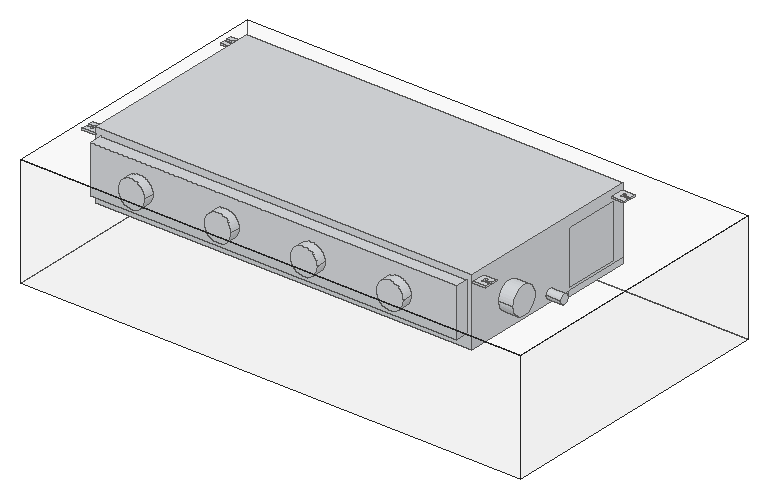
Revit family "pd-rp40_160ga17_60Hz_モデル修正", category 機械設備, Revit 2019
Family settings
  丸型コネクタ寸法 = 直径を使用
  パーツ タイプ = 標準
  OmniClass 番号 = 23.75.10.24.21.27.27
  OmniClass タイトル = Split System Air Conditioning Units
  作業面ベース = いいえ
  常に垂直 = いいえ
  ロード時にボイドで切り取り = いいえ
  共有 = いいえ
  部屋計算ポイント = はい
Parameters (values of type "PD-RP112GA17")
  騒音レベル（弱）(dB) = 59
  騒音レベル（中）(dB) = 60
  風量（弱）（m3／min） = 20
  風量（中）（m3／min） = 24
  風量（m3／min） = 28
  音響パワーレベル(dB) = 62
  電圧_電気ヒーター = 0 V
  電動機出力_送風機 = 244 W
  運転質量 = 0.00 kg
  連動 = ""
  説明 = "店舗・事務所用パッケージエアコン(Mr.SLIM) 天井ビルトイン形"
  設計暖房能力 [instance] = 0 W
  設計冷房能力_顕熱 [instance] = 0 W
  設計冷房能力 [instance] = 0 W
  設置方法 = "天井吊(隠ぺい)形"
  製造元 = "三菱電機株式会社"
  製品質量 = 42.00 kg
  製品出荷対象 = "国内"
  製品リリース年月 = "2021年5月10日"
  製品グループ = ""
  系統 [instance] = ""
  相_電気ヒーター = 1
  盤記号 [instance] = ""
  特殊仕様 [instance] = ""
  火災停止 = ""
  消費電力_電気ヒーター = 0 W
  消費電力_暖房 = 190 W
  消費電力_加湿器 = 0 W
  消費電力_冷房 = 190 W
  消費電力 = if(消費電力_冷房 > 消費電力_暖房, 消費電力_冷房, 消費電力_暖房) + 消費電力_加湿器 + 消費電力_電気ヒーター  # 190 W
  法定耐用年数 = "15"
  機外静圧 = 10.0 Pa
  極数 = 3
  材質 [instance] = ""
  新鮮空気取入口 = 0 mm
  形式_加湿器 = ""
  形式 = "天井吊（隠ぺい）形（片ダクト形）"
  幹線記号 [instance] = ""
  呼称 = "室内機_天井吊(隠ぺい)形(⽚ダクト形)"
  台数_手元リモコン [instance] = ""
  台数_冷媒分岐ユニット [instance] = ""
  参照している仕様書等のバージョン = "公共建築工事標準仕様書（機械設備工事編）平成31年度版"
  加湿給水管径 = 0.00 mm
  分類コード = "50053003123050"
  分類グループ = ""
  冷媒高低圧ガス管径 = 0.00 mm
  価格 = 0
  企業コード = "108420"
  付属品_フィルター = ""
  付属品 [instance] = ""
  仕様書バージョン = "Version1.0"
  モデル = "PD-RP112GA17"
  パネルマテリアル = none
  チャンバーボックス [instance] = yes
  ダクト高 = 178 mm
  ダクト幅 = 1360 mm
  コメント [instance] = ""
  Keynote = ""
  Width = 1400 mm
  Version = ""
  Uniclass2015Version = "Systems v1.9"
  Uniclass2015Title = "Split coil remote air cooled condensing units"
  Uniclass2015Code = "Pr_70_65_03_84"
  URL = "https://www.mitsubishielectric.co.jp/ldg/wink/ssl/displayProduct.do?pid=310210"
  SpecificationReference = ""
  SpecificationDescription = ""
  風量 = MAX風量  # 1680.0 m³/h
  電源種別 = ""
  電圧 = 200 V
  質量 = if(製品質量 > 運転質量, 製品質量, 運転質量) * 1.2  # 50.40 kg
  負荷分類 = 3_ファン類
  記号 [instance] = ""
  符号 = "PAC-CIS"
  積算_科目 = "1 空気調和設備"
  積算_拾い区分 [instance] = ""
  相 = 1
  発停方法 = ""
  本体マテリアル = none
  有効加湿量 = 0
  暖房能力 = 11200 W
  始動方式 = "直入"
  周波数 = 60 Hz
  冷房能力 = 10000 W
  冷媒管径符号 = "Bd"
  冷媒管径 = 100.00 mm
  冷媒液管径 = 9.52 mm
  冷媒ガス管径 = 15.88 mm
  ドレン管径 = 32.00 mm
  Revision = ""
  ProductInformation = ""
  OmniClassCode = "23-33 17 13 11"
  MIN風量 = 風量（弱）（m3／min） * 60.0 m³/h  # 1200.0 m³/h
  MID風量 = 風量（中）（m3／min） * 60.0 m³/h  # 1440.0 m³/h
  MAX風量 = 風量（m3／min） * 60.0 m³/h  # 1680.0 m³/h
  IfcTypeProduct = ""
  IfcProduct = ""
  IfcExportType = "AIRCONDITIONINGUNIT"
  IfcExportAs = "IfcUnitaryEquipmentType"
  Height = 272 mm
  Depth = 701 mm
  Author = "三菱電機株式会社"
Types (9, lengths in mm): name | 騒音レベル（弱）(dB) | 騒音レベル（中）(dB) | 風量（弱）（m3／min） | 風量（中）（m3／min） | 風量（m3／min） | 音響パワーレベル(dB) | 電動機出力_送風機 | 製品質量 | 消費電力_暖房 | 消費電力_冷房 | 消費電力 | モデル | ダクト幅 | Width | URL | 風量 | 質量 | 暖房能力 | 冷房能力 | 冷媒管径符号 | 冷媒液管径 | 冷媒ガス管径 | MIN風量 | MID風量 | MAX風量
  PD-RP40GA17 | 52 | 55 | 10 | 12 | 14 | 58 | 85 W | 29.00 kg | 100 W | 100 W | 100 W | "PD-RP40GA17" | 860 | 900 | "https://www.mitsubishielectric.co.jp/ldg/wink/ssl/displayProduct.do?pid=310204" | 840.0 m³/h | 34.80 kg | 4000 W | 3600 W | "Ac" | 6.35 | 12.70 | 600.0 m³/h | 720.0 m³/h | 840.0 m³/h
  PD-RP50GA17 | 53 | 55 | 10 | 12 | 14 | 59 | 85 W | 29.00 kg | 100 W | 100 W | 100 W | "PD-RP50GA17" | 860 | 900 | "https://www.mitsubishielectric.co.jp/ldg/wink/ssl/displayProduct.do?pid=310205" | 840.0 m³/h | 34.80 kg | 5000 W | 4500 W | "Ac" | 6.35 | 12.70 | 600.0 m³/h | 720.0 m³/h | 840.0 m³/h
  PD-RP56GA17 | 53 | 56 | 10 | 12 | 14 | 59 | 85 W | 29.00 kg | 100 W | 100 W | 100 W | "PD-RP56GA17" | 860 | 900 | "https://www.mitsubishielectric.co.jp/ldg/wink/ssl/displayProduct.do?pid=310206" | 840.0 m³/h | 34.80 kg | 5600 W | 5000 W | "Ac" | 6.35 | 12.70 | 600.0 m³/h | 720.0 m³/h | 840.0 m³/h
  PD-RP63GA17 | 54 | 57 | 13 | 16 | 19 | 60 | 121 W | 33.00 kg | 100 W | 100 W | 100 W | "PD-RP63GA17" | 1060 | 1100 | "https://www.mitsubishielectric.co.jp/ldg/wink/ssl/displayProduct.do?pid=310206" | 1140.0 m³/h | 39.60 kg | 6300 W | 5600 W | "Ac" | 6.35 | 12.70 | 780.0 m³/h | 960.0 m³/h | 1140.0 m³/h
  PD-RP71GA17 | 55 | 57 | 13 | 16 | 19 | 60 | 121 W | 33.00 kg | 100 W | 100 W | 100 W | "PD-RP71GA17" | 1060 | 1100 | "https://www.mitsubishielectric.co.jp/ldg/wink/ssl/displayProduct.do?pid=310208" | 1140.0 m³/h | 39.60 kg | 7000 W | 6300 W | "Bd" | 9.52 | 15.88 | 780.0 m³/h | 960.0 m³/h | 1140.0 m³/h
  PD-RP80GA17 | 56 | 57 | 13 | 16 | 19 | 60 | 121 W | 33.00 kg | 100 W | 100 W | 100 W | "PD-RP80GA17" | 1060 | 1100 | "https://www.mitsubishielectric.co.jp/ldg/wink/ssl/displayProduct.do?pid=310209" | 1140.0 m³/h | 39.60 kg | 8000 W | 7100 W | "Bd" | 9.52 | 15.88 | 780.0 m³/h | 960.0 m³/h | 1140.0 m³/h
  PD-RP112GA17 | 59 | 60 | 20 | 24 | 28 | 62 | 244 W | 42.00 kg | 190 W | 190 W | 190 W | "PD-RP112GA17" | 1360 | 1400 | "https://www.mitsubishielectric.co.jp/ldg/wink/ssl/displayProduct.do?pid=310210" | 1680.0 m³/h | 50.40 kg | 11200 W | 10000 W | "Bd" | 9.52 | 15.88 | 1200.0 m³/h | 1440.0 m³/h | 1680.0 m³/h
  PD-RP140GA17 | 61 | 62 | 22 | 26 | 31 | 64 | 244 W | 42.00 kg | 220 W | 220 W | 220 W | "PD-RP140GA17" | 1360 | 1400 | "https://www.mitsubishielectric.co.jp/ldg/wink/ssl/displayProduct.do?pid=310233" | 1860.0 m³/h | 50.40 kg | 14000 W | 12500 W | "Bd" | 9.52 | 15.88 | 1320.0 m³/h | 1560.0 m³/h | 1860.0 m³/h
  PD-RP160GA17 | 63 | 65 | 24 | 29 | 34 | 67 | 244 W | 42.00 kg | 260 W | 260 W | 260 W | "PD-RP160GA17" | 1360 | 1400 | "https://www.mitsubishielectric.co.jp/ldg/wink/ssl/displayProduct.do?pid=310212" | 2040.0 m³/h | 50.40 kg | 16000 W | 14000 W | "Bd" | 9.52 | 15.88 | 1440.0 m³/h | 1740.0 m³/h | 2040.0 m³/h
Reference planes
  plane 1 "中心(正面/背面)": y = 0
  plane 2: z = 0
  plane 3 "中心(左/右)": x = 0
  plane 4: z = 272
  plane 5 "左": x = -700
  plane 6 "右": x = 700
  plane 7: y = 350.5
  plane 8: y = -350.5
  plane 9: y = 407.5
  plane 10: x = -740
  plane 11: x = 1120
  plane 12: y = -650.5
  plane 13: z = 282
  plane 14: z = -130
Lines and regions (mm)
  Masking region 1
    outline origin (0, 0, 2438.4) x (1, 0, 0) y (0, 1, 0)
      loop
        line (-700, 350.5) -> (-700, -350.5) -> (700, -350.5) -> (700, 350.5) -> (-700, 350.5)
Dimensions and locks
  "Width": plane 5 "左" to plane 6 "右"
  equal spacing: plane 5 "左", plane 3 "中心(左/右)", plane 6 "右"  (x2)
  equal spacing: plane 8, plane 1 "中心(正面/背面)", plane 7
  plane 8 to plane 7 = 701 mm
  "Height": plane 4 to plane 2
  locked: plane 10 to plane 5 "左" at 40
  locked: plane 6 "右" to plane 11 at 420
  locked: plane 7 to plane 9 at 57
  locked: plane 12 to plane 8 at 300
  locked: plane 13 to plane 4 at 10
  locked: plane 2 to plane 14 at 130
  aligned and locked: level to plane 2
  aligned and locked: plane 7 to Masking region 1 sketch curve
  aligned and locked: Masking region 1 sketch curve to plane 8
  aligned and locked: plane 3 "中心(左/右)" to nested 1
  aligned and locked: plane 1 "中心(正面/背面)" to nested 1
  aligned and locked: plane 11 to nested 2
  aligned and locked: plane 12 to nested 2
  aligned and locked: plane 10 to nested 2
  aligned and locked: plane 9 to nested 2
  aligned and locked: plane 14 to nested 2
  aligned and locked: plane 13 to nested 2
Automatic sketch dimensions
  Masking region 1 sketch curve to plane 5 "左" = 0 mm
  Masking region 1 sketch curve to plane 6 "右" = 0 mm
Nested families
  nested 1: "PD-RP-GA" at (0, 0, 0), ダクト幅 <- "ダクト幅", ダクト高 <- "ダクト高", ①奥行き <- "Depth", ①幅 <- "Width", type "PD-RP-GA"
    with 配管径 100 mm, 液径 9.52 mm, 液W 57 mm, 液H 122 mm, 液D 136 mm, 吊りボルトW 1454 mm, 吊りボルトH 20 mm, 吊りボルトD 643 mm, 加湿器径 0 mm, 加湿器W 0 mm, 加湿器H 0 mm, 加湿器D 0 mm, ドレン径 32 mm, ドレンW 58 mm, ドレンH 217 mm, ドレンD 356 mm, ダクト高 178 mm, ダクト幅 1360 mm, ダクト④ yes, ダクト③ yes, ダクト② yes, ダクト① yes, ガス径 15.88 mm, ガスW 78 mm, ガスH 33 mm, ガスD 67 mm, ①高さ 250 mm, ①幅 1400 mm, ①奥行き 701 mm, G 320 mm, F 320 mm, E 320 mm, D 220 mm
  nested 2: "サービススペース(PD-RP-GA)" at (190, -121.5, 76), type "サービススペース(PD-RP-GA)"
    with Width 1860 mm, Height 412 mm, Depth 1058 mm
Connectors
  electrical at (701, 200.5, 133), driven by "極数", driven by "負荷分類", driven by "電圧", driven by "消費電力"
    settings: on nested 1, index 1, voltage 200 V, apparent load 190 VA, apparent load phase1 0 VA, apparent load phase2 0 VA, apparent load phase3 0 VA, power factor 1, load classification "3_ファン類", number of poles 3, system type 30, power factor state 1, is connector primary yes, connector utility no, sub classification motor no, connector description ""
  piping at (757, -181, 133.5), diameter 100, driven by "冷媒管径", driven by "冷媒管径符号"
    settings: on nested 1, index 2, connector inside diameter 609.60 mm, connector length 0 mm, flow factor 0, pipe flow 0.0 L/s, pressure drop 0.0 Pa, fitting loss kfactor 0, connector angle 0.00°, fixture units 0, engagement length 0 mm, angle of deflection 0.00°, flow configuration 0, flow direction 1, fitting loss method 4, system type 7, joint type 0, gender type 0, connector reference index -1, connector utility 0, adjustable connector no, is connector primary yes, connector description "Bd"
  piping at (758, 5.5, 55), diameter 32, driven by "ドレン管径"
    settings: on nested 1, index 3, connector inside diameter 609.60 mm, connector length 0 mm, flow factor 0, pipe flow 0.0 L/s, pressure drop 0.0 Pa, fitting loss kfactor 0, connector angle 0.00°, fixture units 0, engagement length 0 mm, angle of deflection 0.00°, flow configuration 0, flow direction 2, fitting loss method 4, system type 16, joint type 0, gender type 0, connector reference index -1, connector utility 0, adjustable connector no, is connector primary no, connector description ""
  hvac at (0, -397.5, 160), driven by "ダクト高", driven by "ダクト幅"
    settings: on nested 1, index 4, duct flow 0.0 m³/h, flow factor 0, pres drop 0.0 Pa, loss coef 0, conn angle 0.00°, conn width 1360 mm, conn height 178 mm, conn diameter 609.6 mm, duct sys type 3, conn prof type 1, flow config 0, flow direction 2, loss method 4, conn ref index -1, conn util no, is conn primary yes, conn desc ""
Definition of nested family "PD-RP-GA"
  Parameters (values of type "PD-RP-GA")
    加湿器径 [instance] = 0 mm
    加湿器W [instance] = 0 mm
    加湿器H [instance] = 0 mm
    加湿器D [instance] = 0 mm
    液径 [instance] = 9.52 mm
    吊りボルトW [instance] = ①幅 + 54 mm  # 954 mm
    吊りボルトH [instance] = 20 mm
    吊りボルトD [instance] = 643 mm  # constant formula
    配管径 [instance] = 100 mm  # constant formula
    液W [instance] = 57 mm  # constant formula
    液H [instance] = 122 mm  # constant formula
    液D [instance] = 136 mm  # constant formula
    ドレン径 [instance] = 32 mm  # constant formula
    ドレンW [instance] = 58 mm  # constant formula
    ドレンH [instance] = 217 mm  # constant formula
    ドレンD [instance] = 356 mm  # constant formula
    ダクト高 [instance] = 178 mm
    ダクト幅 [instance] = 860 mm
    ダクト④ [instance] = ①幅 > 1300 mm  # no
    ダクト③ [instance] = ①幅 > 1000 mm  # no
    ダクト② [instance] = yes
    ダクト① [instance] = yes
    ガス径 [instance] = 15.88 mm
    ガスW [instance] = 78 mm  # constant formula
    ガスH [instance] = 33 mm  # constant formula
    ガスD [instance] = 67 mm  # constant formula
    ①幅 [instance] = 900 mm
    ①高さ [instance] = 250 mm
    ①奥行き [instance] = 701 mm
    G [instance] = 320 mm  # constant formula
    F [instance] = 320 mm  # constant formula
    E [instance] = if(①幅 = 1400 mm, 320 mm, if(①幅 = 1100 mm, 330 mm, 450 mm))  # 450 mm
    D [instance] = if(①幅 = 1400 mm, 220 mm, if(①幅 = 1100 mm, 230 mm, 225 mm))  # 225 mm
  Reference planes
    plane 1 "中心(正面/背面)": y = 0
    plane 2: z = 0
    plane 3 "中心(左/右)": x = 0
    plane 4: x = -450
    plane 5: x = 450
    plane 6: y = 350.5
    plane 7: y = -350.5
    plane 8: z = 272
    plane 9: y = 317.5
    plane 10: y = -325.5
    plane 11: x = -477
    plane 12: x = 477
    plane 13: y = 421.5
    plane 14: z = 252
    plane 15: z = 247
    plane 16: y = -397.5
    plane 17: x = 430
    plane 18: x = -430
    plane 19: y = -432.5
    plane 20: z = 71
    plane 21: z = 249
    plane 22: x = -500
    plane 23: x = 500
    plane 24: y = -300.5
    plane 25: y = 342.5
    plane 26: y = 292.5
    plane 27: x = -565
    plane 28: x = -245
    plane 29: x = 205
    plane 30: x = -885
    plane 31: z = 156
    plane 32: z = 22
    plane 33: y = 100.5
    plane 34: y = 5.5
    plane 35: y = -147.5
    plane 36: y = -214.5
    plane 37: y = -181
    plane 38: z = 150
    plane 39: z = 117
    plane 40: z = 133.5
    plane 41: x = 507
    plane 42: x = 508
    plane 43: z = 55
    plane 44: x = 451
  Forms (mm)
    Extrusion 1, solid, detail levels fine
      sketch origin (0, 0, 0) x (1, 0, 0) y (0, 1, 0)
        loop
          line (-450, 350.5) -> (-450, -350.5) -> (450, -350.5) -> (450, 350.5) -> (-450, 350.5)
      from 22 to 272
    Extrusion 2, solid, detail levels fine
      sketch origin (0, 0, 0) x (1, 0, 0) y (0, 0, 1)
        loop
          line (430, 249) -> (-430, 249) -> (-430, 71) -> (430, 71) -> (430, 249)
      from 350.5 to 397.5
    Extrusion 3, solid, detail levels fine
      sketch origin (0, 0, 0) x (1, 0, 0) y (0, 1, 0)
        loop
          line (450, 342.5) -> (450, 292.5) -> (500, 292.5) -> (500, 312.5) -> (482, 312.5)
          arc (482, 312.5) -> (477, 307.5) -> (472, 312.5) r 5
          line (472, 312.5) -> (472, 322.5)
          arc (472, 322.5) -> (477, 327.5) -> (482, 322.5) r 5
          line (482, 322.5) -> (500, 322.5) -> (500, 342.5) -> (450, 342.5)
        loop
          line (500, -300.5) -> (450, -300.5) -> (450, -350.5) -> (500, -350.5) -> (500, -330.5) -> (482, -330.5)
          arc (482, -330.5) -> (477, -335.5) -> (472, -330.5) r 5
          line (472, -330.5) -> (472, -320.5)
          arc (472, -320.5) -> (477, -315.5) -> (482, -320.5) r 5
          line (482, -320.5) -> (500, -320.5) -> (500, -300.5)
        loop
          line (-500, 342.5) -> (-500, 322.5) -> (-482, 322.5)
          arc (-482, 322.5) -> (-477, 327.5) -> (-472, 322.5) r 5
          line (-472, 322.5) -> (-472, 312.5)
          arc (-472, 312.5) -> (-477, 307.5) -> (-482, 312.5) r 5
          line (-482, 312.5) -> (-500, 312.5) -> (-500, 292.5) -> (-450, 292.5) -> (-450, 342.5) -> (-500, 342.5)
        loop
          line (-500, -300.5) -> (-500, -320.5) -> (-482, -320.5)
          arc (-482, -320.5) -> (-477, -315.5) -> (-472, -320.5) r 5
          line (-472, -320.5) -> (-472, -330.5)
          arc (-472, -330.5) -> (-477, -335.5) -> (-482, -330.5) r 5
          line (-482, -330.5) -> (-500, -330.5) -> (-500, -350.5) -> (-450, -350.5) -> (-450, -300.5) -> (-500, -300.5)
      from 247 to 252
    Extrusion 4, solid, visible <- "ダクト①", detail levels fine
      sketch origin (0, 0, 0) x (1, 0, 0) y (0, 0, 1)
        loop
          circle (205, 156) r 50
      from 397.5 to 432.5
    Extrusion 5, solid, detail levels fine
      sketch origin (0, 0, 0) x (1, 0, 0) y (0, 1, 0)
        loop
          line (-450, 350.5) -> (-450, 100.5) -> (450, 100.5) -> (450, 350.5) -> (-450, 350.5)
      from 0 to 22
    Extrusion 6, solid, detail levels fine
      sketch origin (0, 0, 0) x (0, 1, 0) y (0, 0, 1)
        loop
          circle (-181, 133.5) r 50
      from 450 to 507
    Extrusion 7, solid, detail levels fine
      sketch origin (0, 0, 0) x (0, 1, 0) y (0, 0, 1)
        loop
          circle (5.5, 55) r 16
      from 450 to 508
    Extrusion 8, solid, detail levels fine
      sketch origin (0, 0, 0) x (0, 1, 0) y (0, 0, 1)
        loop
          line (100.5, 231) -> (100.5, 35) -> (300.5, 35) -> (300.5, 231) -> (100.5, 231)
      from 450 to 451
    Extrusion 9, solid, visible <- "ダクト②", detail levels fine
      sketch origin (-180, 0, 0) x (1, 0, 0) y (0, 0, 1)
        loop
          circle (-65, 156) r 50
      from 397.5 to 432.5
    Extrusion 10, solid, visible <- "ダクト③", detail levels fine
      sketch origin (-360, 0, 0) x (1, 0, 0) y (0, 0, 1)
        loop
          circle (-205, 156) r 50
      from 397.5 to 432.5
    Extrusion 11, solid, visible <- "ダクト④", detail levels fine
      sketch origin (-540, 0, 0) x (1, 0, 0) y (0, 0, 1)
        loop
          circle (-345, 156) r 50
      from 397.5 to 432.5
  Dimensions and locks
    equal spacing: plane 7, plane 1 "中心(正面/背面)", plane 6
    "①奥行き": plane 7 to plane 6
    equal spacing: plane 4, plane 3 "中心(左/右)", plane 5
    "①幅": plane 4 to plane 5
    equal spacing: plane 11, plane 3 "中心(左/右)", plane 12
    "吊りボルトW": plane 11 to plane 12
    locked: plane 8 to plane 14 at 20
    locked: plane 14 to plane 15 at 5
    "ダクト幅": plane 17 to plane 18
    locked: plane 5 to plane 17 at 20
    "ダクト高": plane 21 to plane 20
    locked: plane 22 to plane 11 at 23
    locked: plane 12 to plane 23 at 23
    locked: plane 9 to plane 6 at 33
    "吊りボルトD": plane 10 to plane 9
    plane 26 to plane 9 to plane 25 = 25 mm locked, 25 mm locked
    plane 7 to plane 10 to plane 24 = 25 mm, 25 mm
    locked: plane 8 to plane 21 at 23
    locked: plane 16 to plane 7 at 47
    locked: plane 19 to plane 16 at 35
    "D": plane 29 to plane 17
    "E": plane 28 to plane 29
    "F": plane 27 to plane 28
    "G": plane 30 to plane 27
    locked: plane 8 to plane 31 at 116
    locked: plane 32 to level at 22
    "①高さ": plane 8 to plane 32
    locked: plane 33 to plane 6 at 250
    "液D": plane 7 to plane 36
    "ドレンD": plane 7 to plane 34
    "ガスD": plane 36 to plane 35
    equal spacing: plane 36, plane 37, plane 35
    "液H": plane 8 to plane 38
    "ガスH": plane 38 to plane 39
    equal spacing: plane 38, plane 40, plane 39
    "液W": plane 5 to plane 41
    "ドレンW": plane 5 to plane 42
    "ドレンH": plane 8 to plane 43
    plane 8 to plane 43 = 217 mm
    locked: plane 5 to plane 44 at 1
    radius of Extrusion 4 sketch curve = 50 mm
    "配管径": diameter of Extrusion 6 sketch curve
    "ドレン径": diameter of Extrusion 7 sketch curve
    radius of Extrusion 9 sketch curve = 50 mm
    radius of Extrusion 10 sketch curve = 50 mm
    radius of Extrusion 11 sketch curve = 50 mm
    aligned and locked: level to plane 2
    aligned and locked: plane 6 to Extrusion 1 sketch curve
    aligned and locked: plane 4 to Extrusion 1 sketch curve
    aligned and locked: Extrusion 1 sketch curve to plane 7
    aligned and locked: Extrusion 1 sketch curve to plane 5
    aligned and locked: plane 8 to Extrusion 1
    aligned and locked: plane 21 to Extrusion 2 sketch curve
    aligned and locked: plane 17 to Extrusion 2 sketch curve
    aligned and locked: Extrusion 2 sketch curve to plane 20
    aligned and locked: Extrusion 2 sketch curve to plane 18
    aligned and locked: plane 16 to Extrusion 2
    aligned and locked: Extrusion 2 to plane 7
    aligned and locked: plane 10 to nested 1
    aligned and locked: plane 11 to nested 1
    aligned and locked: plane 12 to nested 1
    aligned and locked: nested 1 to plane 9
    aligned and locked: plane 25 to Extrusion 3 sketch curve  (x2)
    aligned and locked: plane 5 to Extrusion 3 sketch curve
    aligned and locked: Extrusion 3 sketch curve to plane 26  (x2)
    aligned and locked: Extrusion 3 sketch curve to plane 23  (x2)
    aligned and locked: Extrusion 3 sketch curve to plane 24
    aligned and locked: plane 23 to Extrusion 3 sketch curve  (x2)
    aligned and locked: Extrusion 1 to Extrusion 3 sketch curve  (x2)
    aligned and locked: Extrusion 3 sketch curve to Extrusion 1  (x2)
    aligned and locked: plane 22 to Extrusion 3 sketch curve  (x4)
    aligned and locked: Extrusion 3 sketch curve to plane 4
    aligned and locked: plane 24 to Extrusion 3 sketch curve
    aligned and locked: plane 11 to Extrusion 3 sketch curve  (x4)
    aligned and locked: plane 12 to Extrusion 3 sketch curve  (x4)
    aligned and locked: plane 14 to Extrusion 3
    aligned and locked: Extrusion 3 to plane 15
    aligned and locked: plane 29 to Extrusion 4 sketch curve
    aligned and locked: plane 31 to Extrusion 4 sketch curve
    aligned and locked: plane 19 to Extrusion 4
    aligned and locked: Extrusion 4 to plane 16
    aligned and locked: Extrusion 1 to plane 32
    aligned and locked: Extrusion 5 sketch curve to Extrusion 1  (x2)
    aligned and locked: Extrusion 5 sketch curve to plane 33
    aligned and locked: Extrusion 5 sketch curve to plane 5
    aligned and locked: Extrusion 5 to Extrusion 1
    aligned and locked: plane 37 to Extrusion 6 sketch curve
    aligned and locked: plane 40 to Extrusion 6 sketch curve
    aligned and locked: Extrusion 6 to plane 5
    aligned and locked: plane 41 to Extrusion 6
    aligned and locked: plane 34 to Extrusion 7 sketch curve
    aligned and locked: plane 43 to Extrusion 7 sketch curve
    aligned and locked: plane 42 to Extrusion 7
    aligned and locked: Extrusion 7 to plane 5
    aligned and locked: plane 44 to Extrusion 8
    aligned and locked: Extrusion 8 to plane 5
    aligned and locked: plane 28 to Extrusion 9 sketch curve
    aligned and locked: plane 31 to Extrusion 9 sketch curve
    aligned and locked: plane 27 to Extrusion 10 sketch curve
    aligned and locked: plane 31 to Extrusion 10 sketch curve
    aligned and locked: plane 30 to Extrusion 11 sketch curve
    aligned and locked: plane 31 to Extrusion 11 sketch curve
    aligned and locked: plane 19 to Extrusion 11
    aligned and locked: Extrusion 11 to plane 16
    aligned and locked: plane 19 to Extrusion 10
    aligned and locked: Extrusion 10 to plane 16
    aligned and locked: plane 19 to Extrusion 9
    aligned and locked: Extrusion 9 to plane 16
  Automatic sketch dimensions
    Extrusion 3 sketch curve to plane 11 = 5 mm  (x2)
    Extrusion 3 sketch curve to plane 12 = 5 mm  (x2)
    plane 10 to Extrusion 3 sketch curve = 5 mm  (x3)
    Extrusion 3 sketch curve to plane 10 = 5 mm  (x2)
    plane 9 to Extrusion 3 sketch curve = 5 mm  (x3)
    Extrusion 3 sketch curve to plane 9 = 5 mm  (x2)
    Extrusion 3 sketch curve to Extrusion 3 sketch curve = 0 mm  (x3)
    Extrusion 8 sketch curve to plane 33 = 0 mm
    Extrusion 8 sketch curve to plane 26 = 8 mm
    plane 32 to Extrusion 8 sketch curve = 13 mm
    Extrusion 8 sketch curve to plane 15 = 16 mm
  Nested families
    nested 1: "固定点" at (-477, -325.5, 0), type "固定点", detail levels fine
      with W 954 mm, D 643 mm, 中心円 10 mm
  Definition of nested family "固定点"
    Parameters (values of type "固定点")
      中心円 = 20 mm
      W [instance] = 1000 mm
      D [instance] = 1000 mm
    Reference planes
      plane 1 "中心(正面/背面)": y = 0
      plane 2: z = 0
      plane 3 "中心(左/右)": x = 0
      plane 4: x = 1000
      plane 5: y = 1000
    Lines and regions (mm)
      symbolic lines, detail levels fine
        curve 1: circle (0, 1000, 0) r 10 normal (0, 0, 1)
        curve 2: circle (0, 0, 0) r 10 normal (0, 0, 1)
        curve 3: circle (1000, 1000, 0) r 10 normal (0, 0, 1)
        curve 4: circle (1000, 0, 0) r 10 normal (0, 0, 1)
        curve 5: line (-200, 1000, 0) -> (1200, 1000, 0)
        curve 6: line (-200, 0, 0) -> (1200, 0, 0)
        curve 7: line (0, 1200, 0) -> (0, -200, 0)
        curve 8: line (1000, 1200, 0) -> (1000, -200, 0)
    Dimensions and locks
      "W": plane 3 "中心(左/右)" to plane 4
      "D": plane 1 "中心(正面/背面)" to plane 5
      "中心円": diameter of curve 1
      "中心円": diameter of curve 2
      "中心円": diameter of curve 3
      "中心円": diameter of curve 4
      aligned and locked: level to plane 2
      aligned and locked: plane 5 to curve 1
      aligned and locked: plane 3 "中心(左/右)" to curve 1
      aligned and locked: plane 3 "中心(左/右)" to curve 2
      aligned and locked: plane 1 "中心(正面/背面)" to curve 2
      aligned and locked: plane 4 to curve 3
      aligned and locked: plane 5 to curve 3
      aligned and locked: plane 1 "中心(正面/背面)" to curve 4
      aligned and locked: plane 4 to curve 4
      aligned and locked: plane 1 "中心(正面/背面)" to curve 6
      aligned and locked: curve 7 to plane 3 "中心(左/右)"
      aligned and locked: curve 8 to plane 4
    Automatic sketch dimensions
      curve 5 to plane 5 = 0 mm
      curve 6 to plane 3 "中心(左/右)" = 200 mm
      curve 5 to plane 3 "中心(左/右)" = 200 mm
      curve 4 to curve 6 = 200 mm
      curve 3 to curve 5 = 200 mm
      plane 1 "中心(正面/背面)" to curve 8 = 200 mm
      plane 1 "中心(正面/背面)" to curve 7 = 200 mm
      curve 3 to curve 8 = 200 mm
      curve 1 to curve 7 = 200 mm
Definition of nested family "サービススペース(PD-RP-GA)"
  Parameters (values of type "サービススペース")
    Width [instance] = 500 mm
    Height [instance] = 500 mm
    Depth [instance] = 500 mm
  Reference planes
    plane 1 "中心(正面/背面)": y = 0
    plane 2: z = 0
    plane 3 "中心(左/右)": x = 0
    plane 4: y = -250
    plane 5: x = 250
    plane 6: y = 250
    plane 7: x = -250
    plane 8: z = 250
    plane 9: z = -250
  Forms (mm)
    Extrusion 1, solid
      sketch origin (-638.939, 0, 72.39) x (1, 0, 0) y (0, 1, 0)
        loop
          line (388.939, 250) -> (388.939, -250) -> (888.939, -250) -> (888.939, 250) -> (388.939, 250)
      from -322.39 to 177.61
  Lines and regions (mm)
    symbolic lines
      curve 1: line (-250, 0, 250) -> (250, 0, 250)
      curve 2: line (-250, 0, -250) -> (-250, 0, 250)
      curve 3: line (250, 0, -250) -> (-250, 0, -250)
      curve 4: line (250, 0, 250) -> (250, 0, -250)
      curve 5: line (0, -250, 250) -> (0, 250, 250)
      curve 6: line (0, -250, -250) -> (0, -250, 250)
      curve 7: line (0, 250, -250) -> (0, -250, -250)
      curve 8: line (0, 250, 250) -> (0, 250, -250)
      curve 9: line (-250, 250, 0) -> (250, 250, 0)
      curve 10: line (-250, -250, 0) -> (-250, 250, 0)
      curve 11: line (250, -250, 0) -> (-250, -250, 0)
      curve 12: line (250, 250, 0) -> (250, -250, 0)
  Dimensions and locks
    equal spacing: plane 7, plane 3 "中心(左/右)", plane 5
    equal spacing: plane 4, plane 1 "中心(正面/背面)", plane 6
    "Depth": plane 4 to plane 6
    "Width": plane 7 to plane 5
    equal spacing: plane 8, plane 2, plane 9
    "Height": plane 8 to plane 9
    aligned and locked: plane 9 to curve 3
    aligned and locked: plane 7 to curve 2
    aligned and locked: curve 4 to plane 5
    aligned and locked: plane 5 to Extrusion 1
    aligned and locked: Extrusion 1 to plane 7
    aligned and locked: Extrusion 1 to plane 9
    aligned and locked: plane 8 to Extrusion 1
    aligned and locked: plane 9 to curve 7
  Automatic sketch dimensions
    plane 4 to Extrusion 1 sketch curve = 0 mm
    Extrusion 1 sketch curve to plane 7 = 0 mm
    Extrusion 1 sketch curve to plane 5 = 0 mm
    plane 6 to Extrusion 1 sketch curve = 0 mm
    curve 2 to plane 8 = 0 mm
    plane 4 to curve 11 = 0 mm
    curve 11 to plane 7 = 0 mm
    curve 11 to plane 5 = 0 mm
    plane 6 to curve 10 = 0 mm
    curve 7 to plane 4 = 0 mm
    curve 7 to plane 6 = 0 mm
    curve 6 to plane 8 = 0 mm
